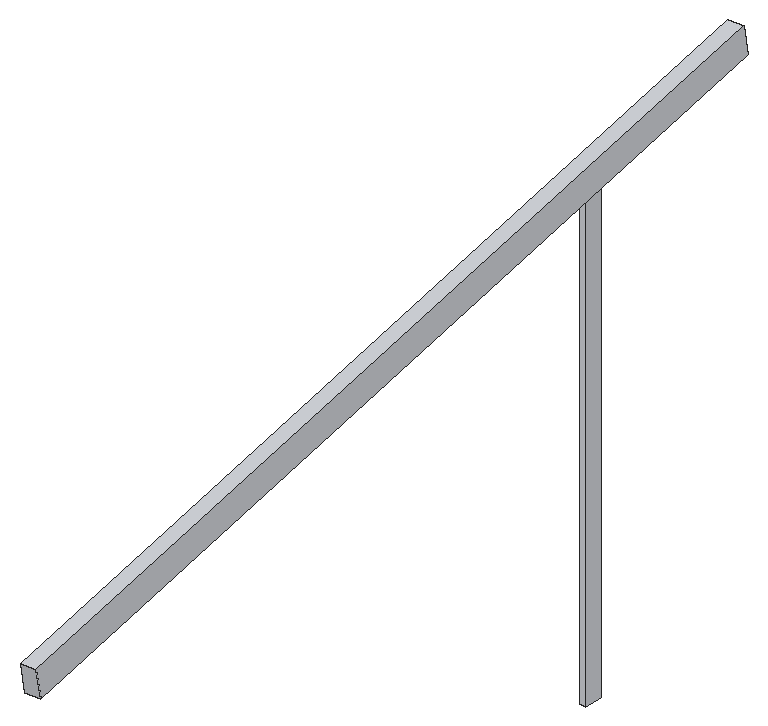
Revit family
Parameters
  PILASTRO_largh = PILASTRO_SezRes / 3  # 10.0 cm
  PILASTRO_asse = PILASTRO_SezRes / 2  # 15.0 cm
  PILASTRO_altezza = 800.0 cm  # constant formula
  PILASTRO_SezRes = 30.0 cm  # constant formula
  INTERASSE = 800.0 cm  # constant formula
  INCLINATA_falda = 12.00°  # constant formula
  FALDA_luce = INTERASSE * cos(INCLINATA_falda) + (PILASTRO_altezza - 2 * PILASTRO_asse) * sin(INCLINATA_falda)  # 942.6101 cm
  FALDA_front = 240.0 cm
  FALDA_back = 300.0 cm
  FALDA_asse = FALDA_SezRes / 2  # 23.5653 cm
  FALDA_SezRes = FALDA_luce / 20  # 47.1305 cm
Reference planes (cm)
  plane 1 "Centro (Fronte/Retro)": y = 0
  plane 2: z = 0
  plane 3 "Centro (Sinistra/Destra)": x = 0
  plane 4: x = 10
  plane 5: y = -30
  plane 6: y = -15
  plane 7: z = 800
  plane 8: z = 785
  plane 9: y = -815
  plane 10: z = 15
  plane 11: through (426.72, -15, 785) normal (0, 0.2079, -0.9781)
  plane 12: through (426.72, -796.341, -72.7839) normal (0, -0.9781, -0.2079)
  plane 13: through (426.72, -1255.983, 935.3258) normal (0, 0.9781, 0.2079)
  plane 14: through (426.72, -1504.9859, 492.3854) normal (0, -0.2079, 0.9781)
  plane 15: through (426.72, -1445.6355, 456.8173) normal (0, -0.2079, 0.9781)
  plane 16: through (426.72, 3.659, 697.2161) normal (0, -0.9781, -0.2079)
  plane 17: through (426.72, 184.3347, 1290.1242) normal (0, 0.9781, 0.2079)
Forms (cm)
  Extrusion 1, solid
    sketch origin (0, 0, 0) x (1, 0, 0) y (0, 1, 0)
      loop
        line (0, -30) -> (10, -30) -> (10, 0) -> (0, 0) -> (0, -30)
    from 0 to 800
  Extrusion 2, solid
    sketch origin (0, 0, 0) x (0, 1, 0) y (0, 0, 1)
      loop
        line (-1176.6667, 562.1718) -> (-1166.8677, 516.0712) -> (283.3438, 824.3232) -> (273.5448, 870.4238) -> (-1176.6667, 562.1718)
    from 0 to 25
Lines and regions (cm)
  model lines
    curve 1: line (0, 0, 0) -> (10, 0, 0)
    curve 2: line (10, 0, 0) -> (10, -30, 0)
    curve 3: line (10, -30, 0) -> (0, -30, 0)
    curve 4: line (0, -30, 0) -> (0, 0, 0)
  reference lines
    curve 5: line (0, -1176.6667, 562.1718) -> (0, -1166.8677, 516.0712)
    curve 6: line (0, -1166.8677, 516.0712) -> (0, 283.3438, 824.3232)
    curve 7: line (0, 283.3438, 824.3232) -> (0, 273.5448, 870.4238)
    curve 8: line (0, 273.5448, 870.4238) -> (0, -1176.6667, 562.1718)
Dimensions and locks (cm)
  "PILASTRO_largh": plane 3 "Centro (Sinistra/Destra)" to plane 4
  "PILASTRO_asse": plane 6 to plane 1 "Centro (Fronte/Retro)"
  "PILASTRO_SezRes": plane 5 to plane 1 "Centro (Fronte/Retro)"
  "PILASTRO_altezza": plane 7 to level
  "PILASTRO_asse": plane 8 to plane 7
  "INTERASSE": plane 9 to plane 6
  "PILASTRO_asse": plane 10 to plane 2
  "FALDA_asse": plane 11 to plane 14
  "FALDA_SezRes": plane 14 to plane 15
  "FALDA_front": plane 12 to plane 13
  "FALDA_luce": plane 12 to plane 16
  "FALDA_back": plane 17 to plane 16
  "INCLINATA_falda": angle plane 8 to plane 11
  "INCLINATA_falda": angle plane 9 to plane 12
  "INCLINATA_falda": angle plane 6 to plane 16
  "INCLINATA_falda": angle plane 6 to plane 17
  "INCLINATA_falda": angle plane 9 to plane 13
  "INCLINATA_falda": angle plane 10 to plane 15
  "INCLINATA_falda": angle plane 8 to plane 14
  aligned and locked: Extrusion 1 sketch curve to curve 4
  aligned and locked: Extrusion 1 sketch curve to curve 1
  aligned and locked: Extrusion 1 sketch curve to curve 2
  aligned and locked: Extrusion 1 sketch curve to curve 3
  aligned and locked: Extrusion 1 to plane 7
  aligned and locked: Extrusion 2 sketch curve to curve 5
  aligned and locked: Extrusion 2 sketch curve to curve 8
  aligned and locked: Extrusion 2 sketch curve to curve 7
  aligned and locked: Extrusion 2 sketch curve to curve 6
Automatic sketch dimensions
  curve 4 to plane 1 "Centro (Fronte/Retro)" = 0.0 cm
  curve 4 to plane 3 "Centro (Sinistra/Destra)" = 0.0 cm
  curve 3 to plane 4 = 0.0 cm
  curve 3 to plane 5 = 0.0 cm
  curve 5 to plane 13 = 0.0 cm
  curve 5 to plane 14 = 0.0 cm
  curve 6 to plane 13 = 0.0 cm
  curve 6 to plane 15 = 0.0 cm
  curve 7 to plane 17 = 0.0 cm
